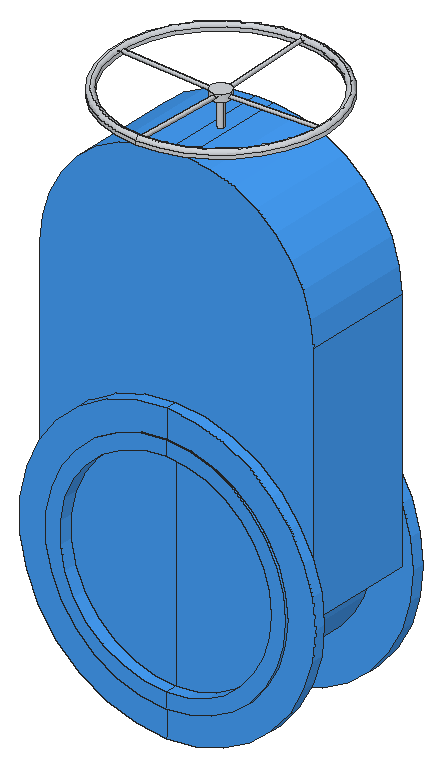
Revit family "TД_РАШВОРК_100-PN10", category Арматура трубопроводов, Revit 2021
Family settings
  Размер круглого соединителя = Использовать диаметр
  Тип детали = Нормальный
  На основе рабочей плоскости = Нет
  Всегда вертикально = Да
  При загрузке вырезать с полостями = Нет
  Общий = Нет
Parameters (values of type "Задвижка с обрезиненным клином РАШВОРК 100-600-10, DN600, PN10, корпус - GJS-500-7 (GGG50), клин - GJS-500-7 (GGG50), уплотнение - EPDM, Ф/Ф, штурвал")
  Штурвал = Штурвал : 600
  Отметка по умолчанию = 0 mm
  Корпус = GGG40
  Длина = 341.992 mm
  Высота = L / 2  # 195 mm
  f = 5 mm
  V1 = 775 mm
  URL = "https://rwru.ru/"
  L2 = 16 mm
  L1 = 312 mm
  L = 390 mm
  HH = 28 mm
  H2 = 60 mm
  H1 = 1052 mm
  H = 1157 mm
  G = 682 mm
  DNсоединителя = 600 mm
  DN = 600 mm
  D1 = 300 mm
  D = 840 mm
  B = 36 mm
  ADSK_Примечание = ""
  ADSK_Наименование краткое = "100-600-10"
  ADSK_Наименование = "Задвижка с обрезиненным клином РАШВОРК 100-600-10, DN600, PN10, корпус - GJS-500-7 (GGG50), клин - GJS-500-7 (GGG50), уплотнение - EPDM, Ф/Ф, штурвал"
  ADSK_Масса = 524
  ADSK_Код изделия = ""
  ADSK_Завод-изготовитель = "ООО ТД \"РАШВОРК\""
  ADSK_Единица измерения = "шт"
Types (9, lengths in mm): name | Штурвал | Высота | f | V1 | L1 | L | H1 | H | G | DNсоединителя | DN | D1 | D | B | ADSK_Наименование краткое | ADSK_Наименование | ADSK_Масса
  (no name) | Штурвал : 600 | 195 | 5 | 775 | 312 | 390 | 1052 | 1157 | 682 | 600 | 600 | 300 | 840 | 36 | "100-600-10" | "Задвижка с обрезиненным клином РАШВОРК 100-600-10, DN600, PN10, корпус - GJS-500-7 (GGG50), клин - GJS-500-7 (GGG50), уплотнение - EPDM, Ф/Ф, штурвал" | 524
  Задвижка с обрезиненным клином РАШВОРК 100-200-10, DN200, PN10, корпус - GJS-500-7 (GGG50), клин - GJS-500-7 (GGG50), уплотнение - EPDM, Ф/Ф, штурвал | Штурвал : 340 | 115 | 3 | 310 | 150 | 230 | 409 | 492 | 266 | 200 | 200 | 110 | 340 | 20 | "100-200-10" | "Задвижка с обрезиненным клином РАШВОРК 100-200-10, DN200, PN10, корпус - GJS-500-7 (GGG50), клин - GJS-500-7 (GGG50), уплотнение - EPDM, Ф/Ф, штурвал" | 52
  Задвижка с обрезиненным клином РАШВОРК 100-250-10, DN250, PN10, корпус - GJS-500-7 (GGG50), клин - GJS-500-7 (GGG50), уплотнение - EPDM, Ф/Ф, штурвал | Штурвал : 340 | 125 | 3 | 370 | 170 | 250 | 476 | 571 | 319 | 250 | 250 | 125 | 405 | 22 | "100-250-10" | "Задвижка с обрезиненным клином РАШВОРК 100-250-10, DN250, PN10, корпус - GJS-500-7 (GGG50), клин - GJS-500-7 (GGG50), уплотнение - EPDM, Ф/Ф, штурвал" | 80
  Задвижка с обрезиненным клином РАШВОРК 100-300-10, DN300, PN10, корпус - GJS-500-7 (GGG50), клин - GJS-500-7 (GGG50), уплотнение - EPDM, Ф/Ф, штурвал | Штурвал : 400 | 135 | 4 | 410 | 170 | 270 | 544 | 663 | 370 | 300 | 300 | 164 | 460 | 24.5 | "100-300-10" | "Задвижка с обрезиненным клином РАШВОРК 100-300-10, DN300, PN10, корпус - GJS-500-7 (GGG50), клин - GJS-500-7 (GGG50), уплотнение - EPDM, Ф/Ф, штурвал" | 110
  Задвижка с обрезиненным клином РАШВОРК 100-350-10, DN350, PN10, корпус - GJS-500-7 (GGG50), клин - GJS-500-7 (GGG50), уплотнение - EPDM, Ф/Ф, штурвал | Штурвал : 450 | 145 | 4 | 530 | 210 | 290 | 724 | 800 | 429 | 350 | 350 | 198 | 520 | 26.5 | "100-350-10" | "Задвижка с обрезиненным клином РАШВОРК 100-350-10, DN350, PN10, корпус - GJS-500-7 (GGG50), клин - GJS-500-7 (GGG50), уплотнение - EPDM, Ф/Ф, штурвал" | 210
  Задвижка с обрезиненным клином РАШВОРК 100-400-10, DN400, PN10, корпус - GJS-500-7 (GGG50), клин - GJS-500-7 (GGG50), уплотнение - EPDM, Ф/Ф, штурвал | Штурвал : 450 | 155 | 4 | 595 | 210 | 310 | 762 | 880 | 480 | 400 | 400 | 220 | 580 | 28 | "100-400-10" | "Задвижка с обрезиненным клином РАШВОРК 100-400-10, DN400, PN10, корпус - GJS-500-7 (GGG50), клин - GJS-500-7 (GGG50), уплотнение - EPDM, Ф/Ф, штурвал" | 269
  Задвижка с обрезиненным клином РАШВОРК 100-450-10, DN450, PN10, корпус - GJS-500-7 (GGG50), клин - GJS-500-7 (GGG50), уплотнение - EPDM, Ф/Ф, штурвал | Штурвал : 450 | 165 | 4 | 630 | 220 | 330 | 810 | 958 | 530 | 450 | 450 | 235 | 640 | 30 | "100-450-10" | "Задвижка с обрезиненным клином РАШВОРК 100-450-10, DN450, PN10, корпус - GJS-500-7 (GGG50), клин - GJS-500-7 (GGG50), уплотнение - EPDM, Ф/Ф, штурвал" | 338
  Задвижка с обрезиненным клином РАШВОРК 100-500-10, DN500, PN10, корпус - GJS-500-7 (GGG50), клин - GJS-500-7 (GGG50), уплотнение - EPDM, Ф/Ф, штурвал | Штурвал : 600 | 175 | 4 | 700 | 284 | 350 | 932 | 1004 | 582 | 500 | 500 | 275 | 715 | 31.5 | "100-500-10" | "Задвижка с обрезиненным клином РАШВОРК 100-500-10, DN500, PN10, корпус - GJS-500-7 (GGG50), клин - GJS-500-7 (GGG50), уплотнение - EPDM, Ф/Ф, штурвал" | 442
  Задвижка с обрезиненным клином РАШВОРК 100-600-10, DN600, PN10, корпус - GJS-500-7 (GGG50), клин - GJS-500-7 (GGG50), уплотнение - EPDM, Ф/Ф, штурвал | Штурвал : 600 | 195 | 5 | 775 | 312 | 390 | 1052 | 1157 | 682 | 600 | 600 | 300 | 840 | 36 | "100-600-10" | "Задвижка с обрезиненным клином РАШВОРК 100-600-10, DN600, PN10, корпус - GJS-500-7 (GGG50), клин - GJS-500-7 (GGG50), уплотнение - EPDM, Ф/Ф, штурвал" | 524
Reference planes
  plane 1 "По центру (Вперед/Назад)": y = 28.789
  plane 2: z = 0
  plane 3 "По центру (Влево/Вправо)": x = 0
  plane 4: y = 223.789
  plane 5: y = -166.211
  plane 6: z = 420
  plane 7: z = 341
  plane 8: z = 300
  plane 9: z = -300
  plane 10: z = -420
  plane 11: y = 187.789
  plane 12: y = 218.789
  plane 13: z = 300
  plane 14: y = 184.789
  plane 15: y = -127.211
  plane 16: z = 1052
  plane 17: x = 387.5
  plane 18: x = -387.5
  plane 19: z = -341
  plane 20: z = -300
  plane 21: z = 1157
  plane 22: z = 272
  plane 23: z = 1129
  plane 24: y = 403.513
  plane 25: y = -495
  plane 26: z = 0
  plane 27: z = -97.5
  plane 28: z = 97.5
  plane 29: y = 223.789
  plane 30: y = -166.211
Forms (mm)
  Revolve 1, solid, material "GGG40" <- "Корпус", detail levels fine
    sketch origin (0, 0, 0) x (0, 1, 0) y (0, 0, 1)
      loop
        line (223.789, 300) -> (223.789, 341) -> (218.789, 341) -> (218.789, 420) -> (187.789, 420) -> (187.789, 300) -> (223.789, 300)
      axis (223.789, 0) -> (187.789, 0)
    angle from 0 to 360
  Revolve 2, solid, material "GGG40" <- "Корпус", detail levels fine
    sketch origin (0, 0, 0) x (0, -1, 0) y (0, 0, -1)
      loop
        line (166.211, -300) -> (130.211, -300) -> (130.211, -420) -> (161.211, -420) -> (161.211, -341) -> (166.211, -341) -> (166.211, -300)
      axis (166.211, 0) -> (130.211, 0)
    angle from 0 to 360
  Revolve 3, solid, material "GGG40" <- "Корпус", detail levels fine
    sketch origin (0, 0, 0) x (0, 1, 0) y (0, 0, 1)
      loop
        line (187.789, 300) -> (-130.211, 300) -> (-130.211, 0) -> (187.789, 0) -> (187.789, 300)
      axis (187.789, 0) -> (-130.211, 0)
    angle from 0 to 360
  Extrusion 4, solid, material "GGG40" <- "Корпус", detail levels fine
    sketch origin (0, 28.789, 0) x (1, 0, 0) y (0, 0, 1)
      loop
        line (26, 1052) -> (-26, 1052)
        arc (-26, 1052) -> (-281.619, 946.119) -> (-387.5, 690.5) r 361.5
        line (-387.5, 690.5) -> (-387.5, 0) -> (387.5, 0) -> (387.5, 690.5)
        arc (387.5, 690.5) -> (281.619, 946.119) -> (26, 1052) r 361.5
    from -156 to 156
  Extrusion 5, solid, material "GGG40" <- "Корпус", detail levels fine
    sketch origin (0, 28.789, 0) x (1, 0, 0) y (0, 0, 1)
      loop
        line (387.5, 0) -> (-387.5, 0) -> (0, -300) -> (387.5, 0)
    from -156 to 156
  Extrusion 6, solid, detail levels fine
    sketch origin (0, 0, 0) x (1, 0, 0) y (0, 1, 0)
      loop
        circle (0, 28.789) r 8
    from 1052 to 1129
Lines and regions (mm)
  model lines, detail levels coarse+medium
    curve 1: line (0, 223.789, 97.5) -> (0, 28.789, 0)
    curve 2: line (0, 28.789, 0) -> (0, 223.789, -97.5)
    curve 3: line (0, 223.789, -97.5) -> (0, 223.789, 97.5)
    curve 4: line (0, -166.211, 97.5) -> (0, 28.789, 0)
    curve 5: line (0, 28.789, 0) -> (0, -166.211, -97.5)
    curve 6: line (0, -166.211, -97.5) -> (0, -166.211, 97.5)
    curve 7: line (0, 28.789, -97.5) -> (0, 28.789, 97.5)
Dimensions and locks
  equal spacing: plane 4, plane 1 "По центру (Вперед/Назад)", plane 5
  "L": plane 4 to plane 5
  equal spacing: plane 8, level, plane 9
  "DN": plane 8 to plane 9
  plane 7 to level = 341 mm
  equal spacing: plane 6, level, plane 10
  "D": plane 6 to plane 10
  "B": plane 4 to plane 11
  "f": plane 4 to plane 12
  "D1": plane 13 to level
  equal spacing: plane 14, plane 1 "По центру (Вперед/Назад)", plane 15
  "L1": plane 14 to plane 15
  "H1": plane 16 to level
  equal spacing: plane 18, plane 3 "По центру (Влево/Вправо)", plane 17
  "V1": plane 18 to plane 17
  "D1": plane 20 to level
  "H": plane 21 to level
  "HH": plane 21 to plane 23
  equal spacing: plane 7, level, plane 19
  "G": plane 7 to plane 19
  "f": Revolve 2 to plane 5
  "B": Revolve 2 to plane 5
  equal spacing: plane 28, plane 26, plane 27
  "Высота": plane 28 to plane 27
  equal spacing: plane 29, plane 1 "По центру (Вперед/Назад)", plane 30
  "L": plane 29 to plane 30
  "L2": diameter of Extrusion 6 sketch curve
  aligned and locked: level to plane 2
  aligned and locked: level to Revolve 1 sketch curve
  aligned and locked: Revolve 3 sketch curve to plane 13
  aligned and locked: Revolve 3 sketch curve to plane 11
  aligned and locked: Revolve 3 sketch curve to level
  aligned and locked: Revolve 2 to Revolve 3 sketch curve
  aligned and locked: plane 16 to Extrusion 4 sketch curve
  aligned and locked: Extrusion 4 sketch curve to plane 17
  aligned and locked: Extrusion 4 sketch curve to plane 2
  aligned and locked: Extrusion 4 sketch curve to plane 18
  aligned and locked: Extrusion 4 to plane 14
  aligned and locked: plane 15 to Extrusion 4
  aligned and locked: level to Extrusion 5 sketch curve
  aligned and locked: plane 20 to Extrusion 5 sketch curve
  aligned and locked: Extrusion 5 to plane 14
  aligned and locked: Extrusion 5 to plane 15
  aligned and locked: plane 3 "По центру (Влево/Вправо)" to Extrusion 6 sketch curve
  aligned and locked: plane 1 "По центру (Вперед/Назад)" to Extrusion 6 sketch curve
  aligned and locked: Extrusion 6 to plane 16
  aligned and locked: plane 23 to Extrusion 6
  aligned and locked: plane 3 "По центру (Влево/Вправо)" to nested 1
  aligned and locked: plane 1 "По центру (Вперед/Назад)" to nested 1
  aligned and locked: plane 21 to nested 1
  aligned and locked: Revolve 2 sketch curve to plane 7
  aligned and locked: level to Extrusion 5
  aligned and locked: plane 27 to curve 2
  aligned and locked: plane 1 "По центру (Вперед/Назад)" to curve 2
  aligned and locked: curve 3 to plane 29
  aligned and locked: level to plane 26
  aligned and locked: plane 1 "По центру (Вперед/Назад)" to curve 7
  aligned and locked: level to curve 5
Automatic sketch dimensions
  Revolve 1 sketch curve to plane 8 = 0 mm
  Revolve 1 sketch curve to plane 11 = 0 mm
  Revolve 1 sketch curve to plane 6 = 0 mm
  Revolve 1 sketch curve to plane 12 = 0 mm
  Revolve 1 sketch curve to plane 4 = 0 mm
  Revolve 1 sketch curve to plane 7 = 0 mm
  plane 5 to Revolve 1 sketch curve = 180 mm
  Revolve 1 sketch curve to plane 4 = 60 mm
  Extrusion 4 sketch curve to plane 3 "По центру (Влево/Вправо)" = 26 mm
  plane 3 "По центру (Влево/Вправо)" to Extrusion 4 sketch curve = 26 mm
  plane 18 to Extrusion 5 sketch curve = 0 mm
  Extrusion 5 sketch curve to plane 3 "По центру (Влево/Вправо)" = 0 mm
  plane 17 to Extrusion 5 sketch curve = 0 mm
  Revolve 2 sketch curve to level = 0 mm
  Revolve 2 sketch curve to plane 8 = 0 mm
  Revolve 2 sketch curve to plane 6 = 0 mm
  Revolve 2 sketch curve to plane 5 = 0 mm
  Revolve 2 sketch curve to plane 5 = 5 mm
  plane 15 to Revolve 2 sketch curve = 3 mm
  Revolve 2 sketch curve to plane 29 = 26.211 mm
  plane 5 to Revolve 2 sketch curve = 60 mm
  Revolve 3 sketch curve to level = 0 mm
  Revolve 3 sketch curve to plane 30 = 14.789 mm
  Revolve 3 sketch curve to plane 4 = 76 mm
  curve 6 to plane 27 = 0 mm
  curve 6 to plane 30 = 0 mm
  curve 1 to plane 28 = 0 mm
  curve 6 to plane 28 = 0 mm
  curve 7 to plane 28 = 0 mm
  curve 7 to plane 27 = 0 mm
Nested families
  nested 1: "Штурвал" at (0, 28.789, 1147), type <- "Штурвал", type "600", detail levels fine
Connectors
  piping at (0, -166.211, 0), diameter 600, driven by "DNсоединителя"
    settings: on Revolve 2, index 1, connector inside diameter 609.6 mm, connector length 0 mm, flow factor 0, pipe flow 0.0 L/s, pressure drop 0.0 Pa, fitting loss kfactor 0, connector angle 0.00°, fixture units 0, engagement length 0 mm, angle of deflection 0.00°, flow configuration 0, flow direction 0, fitting loss method 0, system type 7, joint type 0, gender type 0, connector reference index -1, connector utility 0, adjustable connector no, is connector primary yes, connector description ""
  piping at (0, 223.789, 0), diameter 600, driven by "DNсоединителя"
    settings: on Revolve 1, index 2, connector inside diameter 609.6 mm, connector length 0 mm, flow factor 0, pipe flow 0.0 L/s, pressure drop 0.0 Pa, fitting loss kfactor 0, connector angle 0.00°, fixture units 0, engagement length 0 mm, angle of deflection 0.00°, flow configuration 0, flow direction 0, fitting loss method 0, system type 7, joint type 0, gender type 0, connector reference index -1, connector utility 0, adjustable connector no, is connector primary no, connector description ""
Definition of nested family "Штурвал"
  Parameters (values of type "600")
    Default Elevation = 0 mm
    Н = 18 mm
    Б = 20 mm
    А = 20 mm
    Lспицы = 60.024 mm
    DH = 55 mm
    C = 600 mm
    A2 = 10 mm
  Types (9, lengths in mm): name | C
    160 | 160
    180 | 180
    200 | 200
    250 | 250
    280 | 280
    340 | 340
    400 | 400
    450 | 450
    600 | 600
  Reference planes
    plane 1 "По центру (Вперед/Назад)": y = 0
    plane 2: z = 0
    plane 3 "По центру (Влево/Вправо)": x = 0
    plane 4: y = -300
    plane 5: y = 300
    plane 6: z = 10
    plane 7: z = -10
    plane 8: y = 280
    plane 9: y = 280.024
    plane 10: z = -18
    plane 11: y = 290
    plane 12: x = -300
    plane 13: x = 300
    plane 14: x = -290
  Forms (mm)
    Revolve 1, solid
      sketch origin (0, 0, 0) x (0, 1, 0) y (0, 0, 1)
        loop
          line (300, -10) -> (300, 0)
          arc (300, 0) -> (297.071, 7.071) -> (290, 10) r 10
          arc (290, 10) -> (282.929, 7.071) -> (280, 0) r 10
          line (280, 0) -> (280, -10) -> (300, -10)
        axis (0, 10) -> (0, -10)
      angle from 0 to 360
    Extrusion 2, solid
      sketch origin (0, 0, 0) x (1, 0, 0) y (0, 1, 0)
        loop
          circle (0, 0) r 27.5
      from 0 to -18
    Sweep 3, solid
      path origin (0, 0, 0) x (0, 1, 0) y (0, 0, 1)
        loop
          line (290, 0) -> (0, -10)
      profile origin (0, 145, -5) x (0, 0.034462, -0.999406) y (1, 0, 0)
        loop
          circle (0, 0) r 5
    Sweep 4, solid
      path origin (0, 0, 0) x (0, -1, 0) y (0, 0, -1)
        loop
          line (290, 0) -> (0, 10)
      profile origin (0, -145, -5) x (0, 0.034462, 0.999406) y (1, 0, 0)
        loop
          circle (0, 0) r 5
    Sweep 5, solid
      path origin (0, 0, 0) x (1, 0, 0) y (0, 0, 1)
        loop
          line (-290, 0) -> (0, -10)
      profile origin (-145, 0, -5) x (0.034462, 0, 0.999406) y (0, -1, 0)
        loop
          circle (0, 0) r 5
    Sweep 6, solid
      path origin (0, 0, 0) x (-1, 0, 0) y (0, 0, -1)
        loop
          line (-290, 0) -> (0, 10)
      profile origin (145, 0, -5) x (0.034462, 0, -0.999406) y (0, -1, 0)
        loop
          circle (0, 0) r 5
  Dimensions and locks
    equal spacing: plane 5, plane 1 "По центру (Вперед/Назад)", plane 4
    "C": plane 5 to plane 4
    equal spacing: plane 6, level, plane 7
    "Б": plane 5 to plane 8
    "А": plane 6 to plane 7
    plane 5 to plane 9 = 19.976 mm
    "Н": level to plane 10
    "A2": plane 5 to plane 11
    equal spacing: plane 12, plane 3 "По центру (Влево/Вправо)", plane 13
    "C": plane 12 to plane 13
    "A2": plane 12 to plane 14
    "DH": diameter of Extrusion 2 sketch curve
    aligned and locked: level to plane 2
    aligned and locked: plane 7 to Revolve 1 sketch curve
    aligned and locked: Revolve 1 sketch curve to plane 8
    aligned and locked: plane 5 to Revolve 1 sketch curve
    aligned and locked: plane 3 "По центру (Влево/Вправо)" to Extrusion 2 sketch curve
    aligned and locked: plane 1 "По центру (Вперед/Назад)" to Extrusion 2 sketch curve
    aligned and locked: Extrusion 2 to plane 10
    aligned and locked: plane 11 to Sweep 3 sketch curve
    aligned and locked: plane 1 "По центру (Вперед/Назад)" to Sweep 3 sketch curve
  Automatic sketch dimensions
    Revolve 1 sketch curve to Revolve 1 sketch curve = 0 mm  (x2)
    Revolve 1 sketch curve to plane 1 "По центру (Вперед/Назад)" = 0 mm
    Revolve 1 sketch curve to level = 0 mm
    Revolve 1 sketch curve to plane 11 = 0 mm
    Revolve 1 sketch curve to plane 10 = 196.092 mm
    plane 6 to Revolve 1 sketch curve = 60 mm
    Sweep 3 sketch curve to plane 7 = 0 mm
    Sweep 3 sketch curve to level = 0 mm
    Sweep 3 sketch curve to plane 3 "По центру (Влево/Вправо)" = 0 mm
    Sweep 3 sketch curve to profile plane = 0 mm
    Sweep 4 sketch curve to plane 1 "По центру (Вперед/Назад)" = 0 mm
    Sweep 4 sketch curve to level = 0 mm
    Sweep 4 sketch curve to plane 7 = 0 mm
    Sweep 4 sketch curve to plane 4 = 10 mm
    Sweep 4 sketch curve to plane 3 "По центру (Влево/Вправо)" = 0 mm
    Sweep 4 sketch curve to profile plane = 0 mm
    Sweep 5 sketch curve to level = 0 mm
    plane 14 to Sweep 5 sketch curve = 0 mm
    Sweep 5 sketch curve to plane 3 "По центру (Влево/Вправо)" = 0 mm
    Sweep 5 sketch curve to plane 7 = 0 mm
    Sweep 5 sketch curve to plane 1 "По центру (Вперед/Назад)" = 0 mm
    Sweep 5 sketch curve to profile plane = 0 mm
    Sweep 6 sketch curve to level = 0 mm
    Sweep 6 sketch curve to plane 3 "По центру (Влево/Вправо)" = 0 mm
    Sweep 6 sketch curve to plane 7 = 0 mm
    plane 13 to Sweep 6 sketch curve = 10 mm
    Sweep 6 sketch curve to plane 1 "По центру (Вперед/Назад)" = 0 mm
    Sweep 6 sketch curve to profile plane = 0 mm
    radius of Sweep 3 sketch curve = 5 mm
    radius of Sweep 4 sketch curve = 5 mm
    radius of Sweep 5 sketch curve = 5 mm
    radius of Sweep 6 sketch curve = 5 mm
